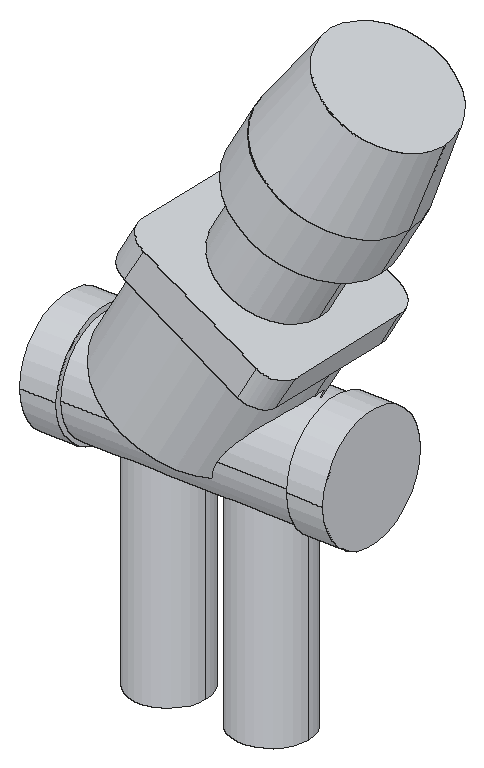
Revit family "OPTIMA_Compact_Plus_MM_DN15_5,0_RFA_2019", category Pipe Accessories, Revit 2019
Family settings
  Round Connector Dimension = Use Diameter
  Part Type = Valve - Breaks Into
  Work Plane-Based = No
  Always vertical = Yes
  Cut with Voids When Loaded = No
  Shared = No
Parameters (values of type "OPTIMA Compact Plus DN15 M-M 5.0mm")
  magiProductId = "cc68fe6008154c3392e26a3dfeb2d1"
  magiProductFamilyId = "3f7bf62c6d3e4202b9bf465282540d"
  magiPartTypeId = 304
  isMeasuringValve [instance] = no
  ang2D [instance] = 0.00°
  Z = 0 mm
  X = 7 mm
  W2D = 32 mm
  VersionID = "2.0/2018.8.28.1/FRESE_OPTIMA-COMPACT-MM_001"
  Use Minimum Symbol Size [instance] = yes
  URL = "www.hydronix.cz"
  Type Comments = "vnější závit; PN25; 0~120°C, s měřením"
  R9 = 8 mm
  R8 = 14 mm
  R7 = 17 mm
  R6 = 12 mm
  R5 = 5 mm
  R4 = 19 mm
  R3 = 19 mm
  R2 = 12 mm
  R1 = 13 mm
  QmdConnectorList = "301;D;302;D"
  Productdata [instance] = ""
  PLG0 = yes
  Manufacturer = "Hydronix"
  MC Product Code = "53-1325  (3/4\" M-M; 5.0mm; Qmin-dpmin 220l/h-16.0kPa; Qmax-dpmin 1330l/h-21.6kPa; dpmax 800kPa)"
  MC Piping Given Pressure Drop [instance] = 0.0 Pa
  LL = 32.5 mm
  L3 = 11 mm
  L2D_Min = 3048 mm
  L2D = 104 mm
  L2 = 49.4 mm
  L1__ve = -L1  # -7.8 mm
  L1 = 7.8 mm
  H6__ve = -H6  # -55 mm
  H6 = 55 mm
  H5 = 20 mm
  H4 = 12 mm
  H3 = 18 mm
  H2 = 8 mm
  H1 = 26 mm
  Description = "Tlakově nezávislý 2-cestný regulační vyvažovací ventil (PICV)"
  D = 15 mm
  A = 30.00°
Types (8, lengths in mm): name | magiProductId | Z | X | R4 | R3 | R2 | R1 | MC Product Code | LL | L3 | L2 | L1__ve | L1 | H6__ve | H6 | H5 | H3 | H2 | H1 | D
  OPTIMA Compact Plus DN32 M-M 5.5mm | "ffa5e363716249e69711c5a01860df" | 1 | 13 | 29 | 31.5 | 22 | 24 | "53-1333  (6/4\" M-M; 5.5mm; Qmin-dpmin 550l/h-17.9kPa; Qmax-dpmin 4001l/h-28.0kPa; dpmax 800kPa)" | 52 | 12.5 | 79.04 | -12.48 | 12.48 | -66 | 66 | 20 | 16 | 10 | 46 | 32
  OPTIMA Compact Plus DN15 M-M 2.5mm | "744f5c1a8b784a0caf7e95e8856504" | 0 | 7 | 19 | 19 | 12 | 13 | "53-1324  (3/4\" M-M; 2.5mm; Qmin-dpmin 100l/h-14.9kPa; Qmax-dpmin 575l/h-18.5kPa; dpmax 800kPa)" | 32.5 | 11 | 49.4 | -7.8 | 7.8 | -55 | 55 | 20 | 18 | 8 | 26 | 15
  OPTIMA Compact Plus DN15 M-M 5.0mm | "cc68fe6008154c3392e26a3dfeb2d1" | 0 | 7 | 19 | 19 | 12 | 13 | "53-1325  (3/4\" M-M; 5.0mm; Qmin-dpmin 220l/h-16.0kPa; Qmax-dpmin 1330l/h-21.6kPa; dpmax 800kPa)" | 32.5 | 11 | 49.4 | -7.8 | 7.8 | -55 | 55 | 20 | 18 | 8 | 26 | 15
  OPTIMA Compact Plus DN20 M-M 5.0mm | "af4b706c92c34122b2cf0a056ee45d" | 0 | 10 | 19 | 19 | 13.5 | 16.5 | "53-1328  (1\" M-M; 5.0mm; Qmin-dpmin 220l/h-16.0kPa; Qmax-dpmin 1330l/h-21.6kPa; dpmax 800kPa)" | 35 | 11 | 53.2 | -8.4 | 8.4 | -58.5 | 58.5 | 20 | 18 | 8 | 26 | 20
  OPTIMA Compact Plus DN20 M-M 5.5mm | "3e0f5dc7d8ae4d97894bd6f679fd3a" | 0 | 10 | 19 | 19 | 13.5 | 16.5 | "53-1331  (1\" M-M; 5.5mm; Qmin-dpmin 300l/h-17.8kPa; Qmax-dpmin 1800l/h-40.0kPa; dpmax 800kPa)" | 35 | 11 | 53.2 | -8.4 | 8.4 | -58.5 | 58.5 | 20 | 18 | 8 | 26 | 20
  OPTIMA Compact Plus DN25 M-M 5.5mm | "30c02b6104a34c7a9c49bd2b7417bc" | 0 | 13 | 29 | 31.5 | 18.5 | 21 | "53-1332  (5/4\" M-M; 5.5mm; Qmin-dpmin 600l/h-17.3kPa; Qmax-dpmin 3609l/h-23.0kPa; dpmax 800kPa)" | 52 | 12.5 | 79.04 | -12.48 | 12.48 | -63 | 63 | 20 | 16 | 10 | 43 | 25
  OPTIMA Compact Plus DN10 M-M 2.5mm | "273b30465bdd4e038d4ed21de5046f" | 0 | 7 | 19 | 19 | 9 | 10.5 | "53-1320  (1/2\" M-M; 2.5mm; Qmin-dpmin 30l/h-14.3kPa; Qmax-dpmin 200l/h-15.8kPa; dpmax 800kPa)" | 32.5 | 11 | 49.4 | -7.8 | 7.8 | -52.5 | 52.5 | 17 | 18 | 8 | 30 | 10
  OPTIMA Compact Plus DN10 M-M 5.0mm | "05e83065d4b14c0ea9b5a56fcd5d4f" | 0 | 7 | 19 | 19 | 9 | 10.5 | "53-1329  (1/2\" M-M; 5.0mm; Qmin-dpmin 65l/h-14.6kPa; Qmax-dpmin 370l/h-17.2kPa; dpmax 800kPa)" | 32.5 | 11 | 49.4 | -7.8 | 7.8 | -52.5 | 52.5 | 17 | 18 | 8 | 30 | 10
Reference planes
  plane 1 "Center (Front/Back)": y = 0
  plane 2 "XYPLANE": z = 0
  plane 3 "Center (Left/Right)": x = 0
  plane 4 "267": x = 11
  plane 5 "266": x = -11
  plane 6 "252": through (-607.519, 0, 447.746) normal (0.5, 0, 0.866)
  plane 7 "250": through (-617.519, 0, 430.426) normal (0.5, 0, 0.866)
  plane 8 "248": through (-623.519, 0, 420.033) normal (0.5, 0, 0.866)
  plane 9 "245": through (-632.519, 0, 404.445) normal (0.5, 0, 0.866)
  plane 10 "241": through (352.483, 0, 662.519) normal (0.866, 0, -0.5)
  plane 11 "240": through (385.392, 0, 643.519) normal (0.866, 0, -0.5)
  plane 12 "239": y = -19
  plane 13 "238": y = 19
  plane 14 "237": through (-636.519, 0, 397.517) normal (0.5, 0, 0.866)
  plane 15 "235": through (-649.519, 0, 375) normal (0.5, 0, 0.866)
  plane 16 "231": y = 0
  plane 17 "230": through (368.938, 0, 653.019) normal (0.866, 0, -0.5)
  plane 18 "211": x = -24.7
  plane 19 "204": x = 32.5
  plane 20 "203": x = -32.5
  plane 21 "202": x = 0
  plane 22 "201": z = 0
  plane 23 "200": y = 0
  plane 24 "227XY": through (-649.519, 0, 375) normal (0.5, 0, 0.866)
  plane 25 "227XZ": y = 0
  plane 26 "227YZ": through (375, 0, 649.519) normal (0.866, 0, -0.5)
Forms (mm)
  Extrusion 1, solid, visible <- "PLG0"
    sketch origin (-750, 0, 0) x (1, 0, 0) y (0, 1, 0)
      loop
        circle (761, 0) r 8
    from 0 to -55 <- "H6__ve"
  Extrusion 2, solid, visible <- "PLG0"
    sketch origin (-750, 0, 0) x (1, 0, 0) y (0, 1, 0)
      loop
        circle (739, 0) r 8
    from 0 to -55 <- "H6__ve"
  Blend 3, solid
    base sketch origin (-617.519, 0, 430.426) x (0.866025, 0, -0.5) y (0, 1, 0)
      loop
        circle (743, 0) r 17
    top sketch origin (-617.519, 0, 430.426) x (0.866025, 0, -0.5) y (0, 1, 0)
      loop
        circle (743, 0) r 14
    from 0 to 20
  Extrusion 4, solid
    sketch origin (-623.519, 0, 420.033) x (0.866025, 0, -0.5) y (0, 1, 0)
      loop
        circle (743, 0) r 17
    from 0 to 12 <- "H4"
  Extrusion 5, solid
    sketch origin (-632.519, 0, 404.445) x (0.866025, 0, -0.5) y (0, 1, 0)
      loop
        circle (743, 0) r 12
    from 0 to 18 <- "H3"
  Extrusion 6, solid
    sketch origin (-636.519, 0, 397.517) x (0.866025, 0, -0.5) y (0, 1, 0)
      loop
        arc (729, 19) -> (725.464, 17.536) -> (724, 14) r 5
        line (724, 14) -> (724, -14)
        arc (724, -14) -> (725.464, -17.536) -> (729, -19) r 5
        line (729, -19) -> (757, -19)
        arc (757, -19) -> (760.536, -17.536) -> (762, -14) r 5
        line (762, -14) -> (762, 14)
        arc (762, 14) -> (760.536, 17.536) -> (757, 19) r 5
        line (757, 19) -> (729, 19)
    from 0 to 8 <- "H2"
  Extrusion 7, solid
    sketch origin (-649.519, 0, 375) x (0.866025, 0, -0.5) y (0, 1, 0)
      loop
        circle (743, 0) r 19
    from 0 to 26 <- "H1"
  Extrusion 8, solid
    sketch origin (-24.7, -750, 0) x (0, 1, 0) y (0, 0, 1)
      loop
        circle (750, 0) r 12
    from 0 to 49.4 <- "L2"
  Extrusion 9, solid
    sketch origin (32.5, -750, 0) x (0, 1, 0) y (0, 0, 1)
      loop
        circle (750, 0) r 13
    from 0 to -7.8 <- "L1__ve"
  Extrusion 10, solid
    sketch origin (-32.5, -750, 0) x (0, 1, 0) y (0, 0, 1)
      loop
        circle (750, 0) r 13
    from 0 to 7.8 <- "L1"
  Extrusion 11, solid, not visible
    sketch origin (32.5, -750, 0) x (0, 1, 0) y (0, 0, 1)
      loop
        circle (750, 0) r 10
    from 0 to -10
  Extrusion 12, solid, not visible
    sketch origin (-32.5, -750, 0) x (0, 1, 0) y (0, 0, 1)
      loop
        circle (750, 0) r 10
    from 0 to 10
Lines and regions (mm)
  reference lines, not visible
    curve 1: circle (2, 2, 0) r 1 normal (0, 0, 1)
Text (mm)
  text "© Progman Oy, all rights reserved" at (-472.209, -2482.653, 0), in view "Ref. Level"
Dimensions and locks
  plane 1 "Center (Front/Back)" to curve 1 = 2 mm
  "L3": plane 3 "Center (Left/Right)" to plane 4 "267"
  "L3": plane 3 "Center (Left/Right)" to plane 5 "266"
  "H5": plane 7 "250" to plane 6 "252"
  "H4": plane 8 "248" to plane 7 "250"
  "H3": plane 9 "245" to plane 8 "248"
  "H2": plane 14 "237" to plane 9 "245"
  "R4": plane 17 "230" to plane 10 "241"
  "R4": plane 17 "230" to plane 11 "240"
  "R4": plane 23 "200" to plane 12 "239"
  "R4": plane 23 "200" to plane 13 "238"
  "H1": plane 15 "235" to plane 14 "237"
  "Z": plane 24 "227XY" to plane 15 "235"
  locked: plane 23 "200" to plane 16 "231"
  "X": plane 26 "227YZ" to plane 17 "230"
  "L1": plane 20 "203" to plane 18 "211"
  "LL": plane 3 "Center (Left/Right)" to plane 19 "204"
  "LL": plane 3 "Center (Left/Right)" to plane 20 "203"
  locked: plane 3 "Center (Left/Right)" to plane 21 "202"
  locked: plane 2 "XYPLANE" to plane 22 "201"
  locked: plane 1 "Center (Front/Back)" to plane 23 "200"
  Extrusion 6 sketch curve to Extrusion 6 sketch curve = 0 mm  (x16)
  "R9": radius of Extrusion 1 sketch curve
  "R9": radius of Extrusion 2 sketch curve
  "R8": radius of Blend 3 sketch curve
  "R7": radius of Blend 3 sketch curve
  "R7": radius of Extrusion 4 sketch curve
  "R6": radius of Extrusion 5 sketch curve
  "R5": radius of Extrusion 6 sketch curve  (x4)
  "R3": radius of Extrusion 7 sketch curve
  "R2": radius of Extrusion 8 sketch curve
  "R1": radius of Extrusion 9 sketch curve
  "R1": radius of Extrusion 10 sketch curve
  aligned and locked: level to plane 2 "XYPLANE"
  aligned and locked: plane 4 "267" to Extrusion 1 sketch curve
  aligned and locked: plane 23 "200" to Extrusion 1 sketch curve
  aligned and locked: plane 5 "266" to Extrusion 2 sketch curve
  aligned and locked: plane 23 "200" to Extrusion 2 sketch curve
  aligned and locked: plane 16 "231" to Blend 3 sketch curve  (x2)
  aligned and locked: Blend 3 sketch curve to plane 17 "230"  (x2)
  aligned and locked: plane 6 "252" to Blend 3
  aligned and locked: plane 16 "231" to Extrusion 4 sketch curve
  aligned and locked: Extrusion 4 sketch curve to plane 17 "230"
  aligned and locked: plane 16 "231" to Extrusion 5 sketch curve
  aligned and locked: Extrusion 5 sketch curve to plane 17 "230"
  aligned and locked: Extrusion 6 sketch curve to plane 10 "241"
  aligned and locked: Extrusion 6 sketch curve to plane 12 "239"
  aligned and locked: Extrusion 6 sketch curve to plane 11 "240"
  aligned and locked: plane 13 "238" to Extrusion 6 sketch curve
  aligned and locked: plane 16 "231" to Extrusion 7 sketch curve
  aligned and locked: Extrusion 7 sketch curve to plane 17 "230"
  aligned and locked: plane 22 "201" to Extrusion 8 sketch curve
  aligned and locked: Extrusion 8 sketch curve to plane 23 "200"
  aligned and locked: plane 22 "201" to Extrusion 9 sketch curve
  aligned and locked: Extrusion 9 sketch curve to plane 23 "200"
  aligned and locked: plane 22 "201" to Extrusion 10 sketch curve
  aligned and locked: Extrusion 10 sketch curve to plane 23 "200"
  aligned and locked: plane 22 "201" to Extrusion 11 sketch curve
  aligned and locked: Extrusion 11 sketch curve to plane 23 "200"
  aligned and locked: plane 22 "201" to Extrusion 12 sketch curve
  aligned and locked: Extrusion 12 sketch curve to plane 23 "200"
Automatic sketch dimensions
  plane 1 "Center (Front/Back)" to Extrusion 11 sketch curve = 10 mm
  plane 1 "Center (Front/Back)" to Extrusion 12 sketch curve = 10 mm
  plane 3 "Center (Left/Right)" to curve 1 = 2 mm
  radius of curve 1 = 1 mm
Connectors
  piping at (-32.5, 0, 0), diameter 15, driven by "D"
    settings: on Extrusion 12, index 1, connector inside diameter 609.6 mm, connector length 0 mm, flow factor 0, pipe flow 0.0 L/s, pressure drop 0.0 Pa, fitting loss kfactor 0, connector angle 0.00°, fixture units 0, engagement length 0 mm, angle of deflection 0.00°, flow configuration 0, flow direction 0, fitting loss method 0, system type 29, joint type 0, gender type 0, connector reference index 2, connector utility 0, adjustable connector no, is connector primary yes, connector description ""
  piping at (32.5, 0, 0), diameter 15, driven by "D"
    settings: on Extrusion 11, index 2, connector inside diameter 609.6 mm, connector length 0 mm, flow factor 0, pipe flow 0.0 L/s, pressure drop 0.0 Pa, fitting loss kfactor 0, connector angle 0.00°, fixture units 0, engagement length 0 mm, angle of deflection 0.00°, flow configuration 0, flow direction 0, fitting loss method 0, system type 29, joint type 0, gender type 0, connector reference index 1, connector utility 0, adjustable connector no, is connector primary no, connector description ""
